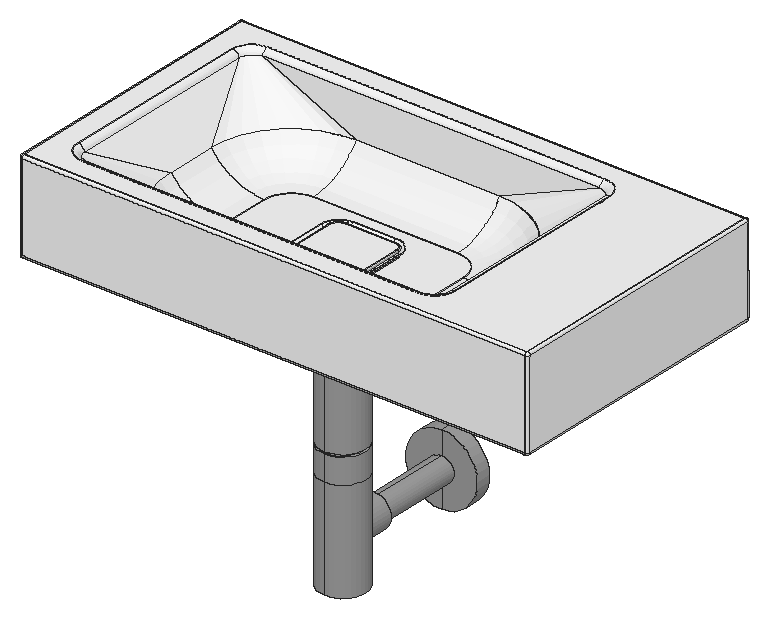
Revit family "KDW030056", category Plumbing Fixtures, Revit 2015
Parameters
  Youtube clip = ""
  Weight Net (Kg) = "8.2"
  Weight = "8.2"
  Website link = "https://www.kaldewei.co.uk/products/washbasins/detail/product/cono-aufsatz-handwaschtisch/"
  WaterSupplyOverflowAndWasteHolesWaterSupply = "n/a"
  WaterSupplyOverflowAndWasteHolesWaste = "n/a"
  WaterSupplyOverflowAndWasteHolesOverflow = "n/a"
  WarrantyStartDate = "https://www.kaldewei.co.uk/fileadmin/data/sprachen/englisch/prospekte/rest/GB_GUARANTEE__CARE_AND_INSTALLATION_INSTRUCTIONS.pdf"
  WarrantyDurationUnit = "Year"
  WarrantyDurationParts = "30"
  VolumeToOverflowMaximum = "n/a"
  Version = "3"
  Uniformat II Description = ""
  Uniformat II Code = ""
  Uniclass2 = "Pr_40_20_96"
  Uniclass 2015 Name = ""
  Uniclass 2015 Code = ""
  Uniclass 2.0 Description = "Wash Basin Systems"
  Uniclass 2.0 Code = "SS-35-65-70-94"
  Uniclass 1.4 Description = "Washbasins"
  Uniclass 1.4 Code = "L7212"
  URL = "https://www.kaldewei.com"
  UNSPSCNames = "Sinks"
  UNSPSCCode = "30181504"
  UNSPSC Code = "301815"
  Type of support framing = "https://www.kaldewei.co.uk/products/washbasins/detail/product/cono-aufsatz-handwaschtisch/?tx_wkkaldeweiproducts_product%5Bmodellnr%5D=3074&cHash=94a0546d26cd6485bfbea26e4a464e6c#tabConfiguration"
  Type of accessories = "https://www.kaldewei.co.uk/products/washbasins/detail/product/cono-aufsatz-handwaschtisch/?tx_wkkaldeweiproducts_product%5Bmodellnr%5D=3074&cHash=94a0546d26cd6485bfbea26e4a464e6c#tabConfiguration"
  Technical description = "https://www.kaldewei.co.uk/fileadmin/data/sprachen/englisch/techdata/KADBE_WT_CONO_____________3074_.pdf"
  Technical data link = "https://kaldewei.typo-live.web-factory.de/fileadmin/data/sprachen/englisch/techdata/KADBE_WT_CONO_____________3074_.pdf"
  Sustainability = "https://EN 15804"
  Sound Insulation = "DIN 4109:2016, VDI4100:2012"
  Size = "300x550"
  Shape = "Handbasin"
  SerialNumber = "3074"
  Region South America = "AR, BO, BR, CL, CO, EC, FK, GF, GY, PE, PY, SR, UY, VE"
  Region Oceania = "AS, AU, CK, FJ, FM, GU, KI, MH, MP, NC, NF, NR, NU, NZ, PF, PG, PN, PW, SB, TK, TL, TO, TV, UM, WF, WS, VU"
  Region North America = "AG, AI, AW, BB, BL, BM, BQ, BS, BZ, CA, CR, CU, CW, DM, DO, GD, GL, GP, GT, HN, HT, JM, KN, KY, LC, MF, MQ, MS, MX, NI, PA, PM, PR, SV, SX, TC, TT, US, VC, VG, VI"
  Region Middle East = "AE, AF, BH, EG, IL, IQ, IR, JO, KW, LB, OM, PS, QA, SA, SY, TR, YE"
  Region Europe = "AD, AL, AT, AX, BA, BE, BG, BY, CH, CY, CZ, DE, DK, EE, ES, FI, FO, FR, GB, GG, GI, GR, HR, HU, IE, IM, IS, IT, JE, LI, LT, LU, LV, MC, MD, ME, MK, MT, NL, NO, PL, PT, RO, RS, RU, SE, SI, SJ, SK, SM, UA, VA"
  Region Asia = "AM, AZ, BD, BN, BT, CC, CN, CX, GE, HK, ID, IN, IO, JP, KG, KH, KP, KR, KZ, LA, LK, MM, MN, MO, MV, MY, NP, PH, PK, SG, TH, TJ, TM, TW, UZ, VN"
  Region Antarctica = "AQ, BV, GS, HM, TF"
  Region Africa = "AO, BF, BI, BJ, BW, CD, CF, CG, CI, CM, CV, DJ, DZ, EH, ER, ET, GA, GH, GM, GN, GQ, GW, KE, KM, LR, LS, LY, MA, MG, ML, MR, MU, MW, MZ, NA, NE, NG, RE, RW, SC, SD, SH, SL, SN, SO, SS, ST, SZ, TD, TG, TN, TZ, UG, YT, ZA, ZM, ZW"
  QR code = "http://bimobject.com/kaldewei/product/3074"
  ProductInformation = "Model No. 3074: Two years ago, matching washbasins were added to the CONO product family.  The quality, and the consistent design and material make the bathroom into something truly special. Now the CONO line goes further, this time in the guest bathroom – in a space where an ultra compact hand-wash basin indicates that while the space may be limited, the guest is greatly appreciated. The CONO hand-wash basin is available in two versions with the tap panel to the left or right, and an option of 1 or no tap hole. "
  Product url = "https://www.kaldewei.co.uk/products/washbasins/detail/product/cono-aufsatz-handwaschtisch/"
  Product group = "Washbasin"
  Product family = "CONO"
  Product data url = "https://bimobject.com/kaldewei/product/3074"
  Product certification = "https://www.kaldewei.co.uk/fileadmin/data/sprachen/alle/pdfs/leistungserkla__rungBW-DW-WT-0216Web.pdf"
  Product SKU = "3074"
  Product Guid = "d03263d5-6b0a-4ab7-9729-0e4d6c426b6a"
  Polantis code = "KDW030056"
  PanelMaterial = "n/a"
  OmniClass Description = ""
  OmniClass Code = ""
  ObjectNorm = "EN 14688 EU DECLARATION OF PERFORMANCE (https://www.kaldewei.de/fileadmin/data/sprachen/alle/pdfs/leistungserkla__rungBW-DW-WT-0216Web.pdf)"
  ObjectName = "CONO Handrinse washbasin 300x550"
  Nominal width = 300 cm
  Nominal height = 550 cm
  Name = "CONO Handrinse washbasin"
  NBS Reference Description = "Wash Basin Systems"
  NBS Reference Code = "35-65-70-94"
  Material secondary = "Enamel"
  Material main = "Steel"
  Material = "steel enamel"
  Masterformat 2014 Description = ""
  Masterformat 2014 Code = ""
  ManufacturerName = "KALDEWEI"
  ManufacturerEmail = "info@kaldewei.de"
  ManufacturerCountry = "GERMANY"
  Manufacturer name = ""
  Manufacturer country = "Germany"
  Link towards a photo of the product = "https://www.kaldewei.co.uk/products/washbasins/detail/product/cono-aufsatz-handwaschtisch/?tx_wkkaldeweiproducts_product%5Bmodellnr%5D=3074&cHash=94a0546d26cd6485bfbea26e4a464e6c#tabConfiguration"
  Installation instructions = ""
  IfcExportType = "IfcSanitaryTerminalType"
  IfcExportAs = "WASHHANDBASIN"
  IFC Classification = "Furnishing Element"
  Finish = "Kaldewei"
  Edition number = "1"
  EAN code = ""
  Durability = "https://EN 14688"
  DrainSize = "n/a"
  Design country = "Germany"
  Description details = "KALDEWEI international Worldwide partner for iconic bathroom solutions made of KALDEWEI steel enamel  KALDEWEI steel enamel delivers unique advantages that inspire excellence in bathroom design. Projects across the world, from upmarket hotels to private homes, capture the sophisticated aesthetic that recommends KALDEWEI as the partner of choice. As a leading international manufacturer of high-quality shower surfaces, bathtubs and washbasins made of superior steel enamel, KALDEWEI today is present in more than 80 countries."
  Date of publishing = ""
  Configurator link = "https://www.kaldewei.co.uk/products/washbasins/detail/product/silenio-unterbauwaschtisch/?tx_wkkaldeweiproducts_product%5Bmodellnr%5D=3048&cHash=d1fd2ac37042e0d3faa59be16f62ae56#tabConfiguration"
  ColourOptions = "https://www.kaldewei.co.uk/inspiration/material/colours/"
  Color = "https://www.kaldewei.co.uk/inspiration/material/colours/"
  COBIe Type Category = ""
  Brand url = "http://www.kaldewei.com"
  BIMobject category = "Basins"
  Additional features of the object = "https://www.kaldewei.co.uk/products/washbasins/detail/product/cono-aufsatz-handwaschtisch/?tx_wkkaldeweiproducts_product%5Bmodellnr%5D=3074&cHash=94a0546d26cd6485bfbea26e4a464e6c#tabConfiguration"
  Accessory [instance] = yes
Reference planes (cm)
  plane 1 "Center (Front/Back)": y = 0
  plane 2: z = 0
  plane 3 "Center (Left/Right)": x = 0
Forms (cm)
  Extrusion 1, solid, material "Kaldewei"
    sketch origin (-2.4988, -9.9379, -27.7729) x (1, 0, 0) y (0, 0, 1)
      loop
        arc (-24.7, 37.7623) -> (-24.9121, 37.6745) -> (-25, 37.4623) r 0.3
        line (-25, 37.4623) -> (-25, 28.0729)
        arc (-25, 28.0729) -> (-24.9121, 27.8608) -> (-24.7, 27.7729) r 0.3
        line (-24.7, 27.7729) -> (-24.7, 37.7623)
    from -24.6373 to 4.7615
  Revolve 2, solid, material "Kaldewei"
    sketch origin (-2.4988, 14.6994, -27.7729) x (1, 0, 0) y (0, 0, 1)
      loop
        line (-24.7, 27.7729) -> (-24.7, 37.7623)
        arc (-24.7, 37.7623) -> (-24.9121, 37.6745) -> (-25, 37.4623) r 0.3
        line (-25, 37.4623) -> (-25, 28.0729)
        arc (-25, 28.0729) -> (-24.9121, 27.8608) -> (-24.7, 27.7729) r 0.3
      axis (-24.7, 27.7729) -> (-24.7, 37.7623)
    angle from 0 to 90
  Extrusion 3, solid, material "Kaldewei"
    sketch origin (-2.189, -1.361, -27.7729) x (1, 0, 0) y (0, 1, 0)
      loop
        line (-25.0098, 16.0604) -> (-25.0098, -13.3383) -> (29.3879, -13.3383) -> (29.3879, 16.0604) -> (-25.0098, 16.0604)
      loop
        line (15.9346, 13.985) -> (-20.4588, 13.985)
        arc (-20.4588, 13.985) -> (-21.9946, 13.3489) -> (-22.6308, 11.8131) r 2.172
        line (-22.6308, 11.8131) -> (-22.6308, -9.0221)
        arc (-22.6308, -9.0221) -> (-21.9946, -10.5579) -> (-20.4588, -11.1941) r 2.172
        line (-20.4588, -11.1941) -> (15.9346, -11.1941)
        arc (15.9346, -11.1941) -> (17.4704, -10.5579) -> (18.1065, -9.0221) r 2.172
        line (18.1065, -9.0221) -> (18.1065, 11.8131)
        arc (18.1065, 11.8131) -> (17.4704, 13.3489) -> (15.9346, 13.985) r 2.172
    from 37.5199 to 37.7623
  Extrusion 4, solid, material "Kaldewei"
    sketch origin (2.5995, -0.0634, -25.7536) x (1, 0, 0) y (0, 1, 0)
      loop
        line (22.8994, 14.0677) -> (-28.1006, 14.0677) -> (-28.1006, -13.9323) -> (22.8994, -13.9323) -> (22.8994, 14.0677)
      loop
        line (-29.7983, 14.7627) -> (-29.7983, -14.636) -> (24.5994, -14.636) -> (24.5994, 14.7627) -> (-29.7983, 14.7627)
    from 25.7536 to 26.0345
  Extrusion 5, solid, material "Kaldewei"
    sketch origin (2.5501, 9.5975, -25.7536) x (1, 0, 0) y (0, 1, 0)
      loop
        line (14.7613, -21.6427) -> (12.2325, -23.9572)
        arc (12.2325, -23.9572) -> (12.1983, -24.0852) -> (12.3, -24.17) r 0.123
        line (12.3, -24.17) -> (12.7878, -24.17)
        arc (12.7878, -24.17) -> (12.8333, -24.1813) -> (12.8681, -24.2127) r 0.0969
        line (12.8681, -24.2127) -> (12.9506, -24.3263)
        arc (12.9506, -24.3263) -> (12.9858, -24.3574) -> (13.0308, -24.3707) r 0.1085
        line (13.0308, -24.3707) -> (13.2293, -24.3707)
        arc (13.2293, -24.3707) -> (13.275, -24.3589) -> (13.3093, -24.3264) r 0.0943
        line (13.3093, -24.3264) -> (13.388, -24.214)
        arc (13.388, -24.214) -> (13.425, -24.1812) -> (13.4728, -24.1689) r 0.1059
        line (13.4728, -24.1689) -> (14.423, -24.1689)
        arc (14.423, -24.1689) -> (14.4794, -24.1455) -> (14.5027, -24.0891) r 0.0798
        line (14.5027, -24.0891) -> (14.5027, -22.81)
        arc (14.5027, -22.81) -> (14.532, -22.7778) -> (14.5749, -22.77) r 0.0678
        line (14.5749, -22.77) -> (14.6777, -22.77)
        arc (14.6777, -22.77) -> (14.7527, -22.845) -> (14.6777, -22.92) r 0.075
        arc (14.6777, -22.92) -> (14.6336, -22.9318) -> (14.6013, -22.9641) r 0.0882
        line (14.6013, -22.9641) -> (14.6013, -23.4468) -> (15.1014, -23.4468) -> (15.1014, -22.9641)
        arc (15.1014, -22.9641) -> (15.0691, -22.9318) -> (15.025, -22.92) r 0.0882
        arc (15.025, -22.92) -> (14.95, -22.845) -> (15.025, -22.77) r 0.075
        line (15.025, -22.77) -> (15.1278, -22.77)
        arc (15.1278, -22.77) -> (15.1707, -22.7778) -> (15.2, -22.81) r 0.0678
        line (15.2, -22.81) -> (15.2, -24.1076)
        arc (15.2, -24.1076) -> (15.2183, -24.1517) -> (15.2624, -24.17) r 0.0624
        line (15.2624, -24.17) -> (20.366, -24.17)
        arc (20.366, -24.17) -> (20.4153, -24.1796) -> (20.4532, -24.2125) r 0.097
        line (20.4532, -24.2125) -> (20.531, -24.3278)
        arc (20.531, -24.3278) -> (20.5665, -24.3598) -> (20.6128, -24.3713) r 0.0986
        line (20.6128, -24.3713) -> (20.8109, -24.3713)
        arc (20.8109, -24.3713) -> (20.854, -24.3573) -> (20.8876, -24.327) r 0.109
        line (20.8876, -24.327) -> (20.9554, -24.2337)
        arc (20.9554, -24.2337) -> (20.9869, -24.1979) -> (21.0285, -24.1745) r 0.1426
        arc (21.0285, -24.1745) -> (21.0687, -24.1637) -> (21.1027, -24.1399) r 0.1201
        line (21.1027, -24.1399) -> (21.1027, -22.81)
        arc (21.1027, -22.81) -> (21.132, -22.7778) -> (21.1749, -22.77) r 0.0678
        line (21.1749, -22.77) -> (21.2777, -22.77)
        arc (21.2777, -22.77) -> (21.3527, -22.845) -> (21.2777, -22.92) r 0.075
        arc (21.2777, -22.92) -> (21.2336, -22.9318) -> (21.2013, -22.9641) r 0.0882
        line (21.2013, -22.9641) -> (21.2013, -23.4468) -> (21.7014, -23.4468) -> (21.7014, -22.9641)
        arc (21.7014, -22.9641) -> (21.6691, -22.9318) -> (21.625, -22.92) r 0.0882
        arc (21.625, -22.92) -> (21.55, -22.845) -> (21.625, -22.77) r 0.075
        line (21.625, -22.77) -> (21.7278, -22.77)
        arc (21.7278, -22.77) -> (21.7707, -22.7778) -> (21.8, -22.81) r 0.0678
        line (21.8, -22.81) -> (21.8, -24.1107)
        arc (21.8, -24.1107) -> (21.8113, -24.1522) -> (21.8465, -24.1771) r 0.0638
        line (21.8465, -24.1771) -> (22.2513, -24.1771)
        arc (22.2513, -24.1771) -> (22.2935, -24.1658) -> (22.3293, -24.1407) r 0.1259
        line (22.3293, -24.1407) -> (23.5644, -22.9056)
        arc (23.5644, -22.9056) -> (23.59, -22.8722) -> (23.5991, -22.8311) r 0.0973
        line (23.5991, -22.8311) -> (23.5991, -21.9222)
        arc (23.5991, -21.9222) -> (23.6108, -21.8773) -> (23.6415, -21.8425) r 0.0994
        line (23.6415, -21.8425) -> (23.7605, -21.7592)
        arc (23.7605, -21.7592) -> (23.788, -21.7233) -> (23.7978, -21.679) r 0.1047
        line (23.7978, -21.679) -> (23.7978, -21.4826)
        arc (23.7978, -21.4826) -> (23.7894, -21.4367) -> (23.7597, -21.4007) r 0.0931
        line (23.7597, -21.4007) -> (23.6466, -21.3186)
        arc (23.6466, -21.3186) -> (23.6125, -21.2845) -> (23.6, -21.2379) r 0.0932
        line (23.6, -21.2379) -> (23.6, -20.701)
        arc (23.6, -20.701) -> (23.5569, -20.597) -> (23.4528, -20.5538) r 0.1472
        line (23.4528, -20.5538) -> (17.8057, -20.5538)
        arc (17.8057, -20.5538) -> (16.1738, -20.7916) -> (14.7613, -21.6427) r 4.1742
      loop
        arc (16.4413, -21.0121) -> (15.6748, -22.3598) -> (16.933, -23.2658) r 1.16
        line (16.933, -23.2658) -> (18.9729, -22.9427)
        arc (18.9729, -22.9427) -> (19.7893, -21.9084) -> (18.8234, -21.0121) r 0.9713
        line (18.8234, -21.0121) -> (16.4413, -21.0121)
    from 25.7536 to 26.1536
  Extrusion 6, solid, material "Kaldewei"
    sketch origin (-5.1326, 4.6351, -26.7521) x (1, 0, 0) y (0, 1, 0)
      loop
        line (-3.6836, -2.21) -> (-3.6836, -6.848)
        arc (-3.6836, -6.848) -> (-3.0978, -8.2623) -> (-1.6836, -8.848) r 2
        line (-1.6836, -8.848) -> (2.8974, -8.848)
        arc (2.8974, -8.848) -> (4.3116, -8.2623) -> (4.8974, -6.848) r 2
        line (4.8974, -6.848) -> (4.8974, -2.21)
        arc (4.8974, -2.21) -> (4.3116, -0.7958) -> (2.8974, -0.21) r 2
        line (2.8974, -0.21) -> (-1.6836, -0.21)
        arc (-1.6836, -0.21) -> (-3.0978, -0.7958) -> (-3.6836, -2.21) r 2
      loop
        arc (8.5015, -10.3381) -> (10.6254, -9.4583) -> (11.5051, -7.3345) r 3.0036
        line (11.5051, -7.3345) -> (11.5051, -1.9357)
        arc (11.5051, -1.9357) -> (10.6254, 0.1881) -> (8.5015, 1.0679) r 3.0036
        line (8.5015, 1.0679) -> (-7.038, 1.0679)
        arc (-7.038, 1.0679) -> (-9.1619, 0.1881) -> (-10.0416, -1.9357) r 3.0036
        line (-10.0416, -1.9357) -> (-10.0416, -7.3345)
        arc (-10.0416, -7.3345) -> (-9.1619, -9.4583) -> (-7.038, -10.3381) r 3.0036
        line (-7.038, -10.3381) -> (8.5015, -10.3381)
    from 28.92 to 28.7199
  Sweep 7, solid, material "Kaldewei"
    path origin (8.7069, 3.3786, -23.992) x (1, 0, 0) y (0, 1, 0)
      loop
        arc (-31.3547, 9.5735) -> (-33.1225, 8.8412) -> (-33.8547, 7.0735) r 2.5
        line (-33.8547, 7.0735) -> (-33.8547, -13.7617)
        arc (-33.8547, -13.7617) -> (-33.1225, -15.5295) -> (-31.3547, -16.2617) r 2.5
        line (-31.3547, -16.2617) -> (5.0387, -16.2617)
        arc (5.0387, -16.2617) -> (6.8064, -15.5295) -> (7.5387, -13.7617) r 2.5
        line (7.5387, -13.7617) -> (7.5387, 7.0735)
        arc (7.5387, 7.0735) -> (6.8064, 8.8412) -> (5.0387, 9.5735) r 2.5
        line (5.0387, 9.5735) -> (-31.3547, 9.5735)
    profile origin (-4.4511, 12.9521, -23.992) x (0, 1, 0) y (0, 0, 1)
      loop
        arc (-0.328, 33.9814) -> (-0.786, 33.7965) -> (-1.0621, 33.3871) r 0.8443
        line (-1.0621, 33.3871) -> (-0.8499, 33.3871)
        arc (-0.8499, 33.3871) -> (-0.6425, 33.6548) -> (-0.328, 33.7804) r 0.6443
        line (-0.328, 33.7804) -> (-0.328, 33.9814)
  Sweep 8, solid, material "Kaldewei"
    path origin (-4.705, 2.176, -27.7729) x (1, 0, 0) y (0, 1, 0)
      loop
        line (-10.4656, 0.5233) -> (-10.4656, -4.8754)
        arc (-10.4656, -4.8754) -> (-9.587, -6.9967) -> (-7.4656, -7.8754) r 3
        line (-7.4656, -7.8754) -> (8.0739, -7.8754)
        arc (8.0739, -7.8754) -> (10.1952, -6.9967) -> (11.0739, -4.8754) r 3
        line (11.0739, -4.8754) -> (11.0739, 0.5233)
        arc (11.0739, 0.5233) -> (10.1952, 2.6447) -> (8.0739, 3.5233) r 3
        line (8.0739, 3.5233) -> (-7.4656, 3.5233)
        arc (-7.4656, 3.5233) -> (-9.587, 2.6447) -> (-10.4656, 0.5233) r 3
    profile origin (-15.1706, 0, -27.7729) x (1, 0, 0) y (0, 0, 1)
      loop
        line (-0.0036, 29.7407) -> (-0.0036, 29.9408)
        arc (-0.0036, 29.9408) -> (-3.2243, 30.7661) -> (-5.7506, 32.9276) r 7.3412
        line (-5.7506, 32.9276) -> (-5.9972, 32.9276)
        arc (-5.9972, 32.9276) -> (-3.3792, 30.6217) -> (-0.0036, 29.7407) r 7.5412
  Sweep 9, solid, material "Kaldewei"
    path origin (-4.5539, 3.9253, -26.7521) x (1, 0, 0) y (0, 1, 0)
      loop
        arc (-2.2623, 0.4998) -> (-3.6765, -0.086) -> (-4.2623, -1.5002) r 2
        line (-4.2623, -1.5002) -> (-4.2623, -6.1382)
        arc (-4.2623, -6.1382) -> (-3.6765, -7.5524) -> (-2.2623, -8.1382) r 2
        line (-2.2623, -8.1382) -> (2.3187, -8.1382)
        arc (2.3187, -8.1382) -> (3.7329, -7.5524) -> (4.3187, -6.1382) r 2
        line (4.3187, -6.1382) -> (4.3187, -1.5002)
        arc (4.3187, -1.5002) -> (3.7329, -0.086) -> (2.3187, 0.4998) r 2
        line (2.3187, 0.4998) -> (-2.2623, 0.4998)
    profile origin (-4.5257, 4.4251, -26.7521) x (0, 1, 0) y (0, 0, 1)
      loop
        arc (0, 28.92) -> (-0.3861, 28.6349) -> (-0.5537, 28.1852) r 0.842
        arc (-0.5537, 28.1852) -> (-0.6418, 27.9295) -> (-0.8466, 27.7529) r 0.5185
        arc (-0.8466, 27.7529) -> (-1.0418, 27.6848) -> (-1.2194, 27.5789) r 1.023
        line (-1.2194, 27.5789) -> (-1.2194, 27.31)
        arc (-1.2194, 27.31) -> (-1.0206, 27.4706) -> (-0.7821, 27.5624) r 0.823
        arc (-0.7821, 27.5624) -> (-0.4831, 27.8073) -> (-0.3542, 28.1716) r 0.7185
        arc (-0.3542, 28.1716) -> (-0.2478, 28.4843) -> (0, 28.7028) r 0.642
        line (0, 28.7028) -> (0, 28.92)
  Extrusion 10, solid, material "Kaldewei"
    sketch origin (-4.2637, 3.4019, -26.7521) x (1, 0, 0) y (0, 1, 0)
      loop
        circle (-0.24, -3.304) r 2.9362
      loop
        line (-3.3331, -0.9769) -> (-3.3331, -5.6149)
        arc (-3.3331, -5.6149) -> (-3.1045, -6.1669) -> (-2.5525, -6.3955) r 0.7806
        line (-2.5525, -6.3955) -> (2.0285, -6.3955)
        arc (2.0285, -6.3955) -> (2.5804, -6.1669) -> (2.8091, -5.6149) r 0.7806
        line (2.8091, -5.6149) -> (2.8091, -0.9769)
        arc (2.8091, -0.9769) -> (2.5804, -0.4249) -> (2.0285, -0.1963) r 0.7806
        line (2.0285, -0.1963) -> (-2.5525, -0.1963)
        arc (-2.5525, -0.1963) -> (-3.1045, -0.4249) -> (-3.3331, -0.9769) r 0.7806
    from 27.31 to 27.5789
  SweptBlend 11, solid, material "Kaldewei"
    path origin (4.0072, 3.8165, -26.7521) x (1, 0, 0) y (0, 0, 1)
      loop
        line (-0.662, 27.31) -> (-0.662, 26.7521)
    profile origin (3.3452, 3.8165, 0.5579) x (0, -1, 0) y (1, 0, 0)
      loop
        circle (3.7186, -7.8489) r 2.9362
    end profile origin (3.3452, 3.8165, 0) x (0, -1, 0) y (1, 0, 0)
      loop
        circle (3.736, -7.861) r 2.2873
  SweptBlend 12, void
    path origin (3.5537, 4.1067, -26.7521) x (1, 0, 0) y (0, 0, 1)
      loop
        line (-0.3821, 26.7521) -> (-0.3821, 27.31)
    profile origin (3.1716, 4.1067, 0) x (-1, 0, 0) y (0, -1, 0)
      loop
        circle (7.6874, 4.0262) r 2.0873
    end profile origin (3.1716, 4.1067, 0.5579) x (-1, 0, 0) y (0, -1, 0)
      loop
        circle (7.6753, 4.0088) r 2.5362
  Extrusion 13, solid, material "Kaldewei"
    sketch origin (-2.8308, 2.2022, -26.7521) x (1, 0, 0) y (0, 1, 0)
      loop
        circle (-1.6729, -2.1043) r 2.9362
      loop
        circle (-1.6729, -2.1043) r 2.7362
    from 27.31 to 27.5789
  Revolve 14, solid, material "Kaldewei"
    sketch origin (-2.4988, -14.6994, -27.7729) x (1, 0, 0) y (0, 0, -1)
      loop
        arc (-24.7, -27.7729) -> (-24.9121, -27.8608) -> (-25, -28.0729) r 0.3
        line (-25, -28.0729) -> (-25, -37.4623)
        arc (-25, -37.4623) -> (-24.9121, -37.6745) -> (-24.7, -37.7623) r 0.3
        line (-24.7, -37.7623) -> (-24.7, -27.7729)
      axis (-24.7, -27.7729) -> (-24.7, -37.7623)
    angle from 0 to 90
  Revolve 15, solid, material "Kaldewei"
    sketch origin (-2.4988, -14.6994, -27.7729) x (1, 0, 0) y (0, 0, -1)
      loop
        arc (-24.7, -27.7729) -> (-24.9121, -27.8608) -> (-25, -28.0729) r 0.3
        line (-25, -28.0729) -> (-25, -37.4623)
        arc (-25, -37.4623) -> (-24.9121, -37.6745) -> (-24.7, -37.7623) r 0.3
        line (-24.7, -37.7623) -> (-24.7, -27.7729)
      axis (-24.7, -27.7729) -> (-24.7, -37.7623)
    angle from 0 to 90
  Extrusion 16, solid, material "Kaldewei"
    sketch origin (-2.4133, 10.0159, -27.7729) x (0, -1, 0) y (0, 0, -1)
      loop
        arc (24.7153, -37.7623) -> (24.9274, -37.6745) -> (25.0153, -37.4623) r 0.3
        line (25.0153, -37.4623) -> (25.0153, -28.0729)
        arc (25.0153, -28.0729) -> (24.9274, -27.8608) -> (24.7153, -27.7729) r 0.3
        line (24.7153, -27.7729) -> (24.7153, -37.7623)
    from -24.7856 to 29.6121
  SweptBlend 17, solid, material "Kaldewei"
    path origin (-57.4133, 4.8545, -2.0194) x (1, 0, 0) y (0, 0, 1)
      loop
        line (46.178, 7.174) -> (46.178, 11.4145)
    profile origin (-11.2352, 4.8545, 5.1546) x (-1, 0, 0) y (0, -1, 0)
      loop
        line (9.9326, 2.1551) -> (9.9326, 7.5538)
        arc (9.9326, 7.5538) -> (7.2974, 13.9158) -> (0.9354, 16.551) r 8.9972
        line (0.9354, 16.551) -> (-14.6041, 16.551)
        arc (-14.6041, 16.551) -> (-20.9661, 13.9158) -> (-23.6013, 7.5538) r 8.9972
        line (-23.6013, 7.5538) -> (-23.6013, 2.1551)
        arc (-23.6013, 2.1551) -> (-20.9661, -4.2068) -> (-14.6041, -6.842) r 8.9972
        line (-14.6041, -6.842) -> (0.9354, -6.842)
        arc (0.9354, -6.842) -> (7.2974, -4.2068) -> (9.9326, 2.1551) r 8.9972
    end profile origin (-11.2352, 4.8545, 9.3952) x (-1, 0, 0) y (0, -1, 0)
      loop
        arc (11.4126, -7.2477) -> (12.5794, -6.7644) -> (13.0627, -5.5976) r 1.6501
        line (13.0627, -5.5976) -> (13.0627, 15.2376)
        arc (13.0627, 15.2376) -> (12.5794, 16.4044) -> (11.4126, 16.8877) r 1.6501
        line (11.4126, 16.8877) -> (-24.9808, 16.8877)
        arc (-24.9808, 16.8877) -> (-26.1476, 16.4044) -> (-26.6309, 15.2376) r 1.6501
        line (-26.6309, 15.2376) -> (-26.6309, -5.5976)
        arc (-26.6309, -5.5976) -> (-26.1476, -6.7644) -> (-24.9808, -7.2477) r 1.6501
        line (-24.9808, -7.2477) -> (11.4126, -7.2477)
  SweptBlend 18, void
    path origin (-57.4133, 4.8545, -2.0194) x (1, 0, 0) y (0, 0, 1)
      loop
        line (44.178, 7.174) -> (44.178, 11.4145)
    profile origin (-13.2352, 4.8545, 5.1546) x (-1, 0, 0) y (0, -1, 0)
      loop
        arc (-1.0646, -6.5954) -> (5.123, -4.0325) -> (7.686, 2.1551) r 8.7506
        line (7.686, 2.1551) -> (7.686, 7.5538)
        arc (7.686, 7.5538) -> (5.123, 13.7414) -> (-1.0646, 16.3044) r 8.7506
        line (-1.0646, 16.3044) -> (-16.6041, 16.3044)
        arc (-16.6041, 16.3044) -> (-22.7917, 13.7414) -> (-25.3547, 7.5538) r 8.7506
        line (-25.3547, 7.5538) -> (-25.3547, 2.1551)
        arc (-25.3547, 2.1551) -> (-22.7917, -4.0325) -> (-16.6041, -6.5954) r 8.7506
        line (-16.6041, -6.5954) -> (-1.0646, -6.5954)
    end profile origin (-13.2352, 4.8545, 9.3952) x (-1, 0, 0) y (0, -1, 0)
      loop
        line (10.8505, -5.5976) -> (10.8505, 15.2376)
        arc (10.8505, 15.2376) -> (10.4293, 16.2543) -> (9.4126, 16.6755) r 1.4379
        line (9.4126, 16.6755) -> (-26.9808, 16.6755)
        arc (-26.9808, 16.6755) -> (-27.9975, 16.2543) -> (-28.4187, 15.2376) r 1.4379
        line (-28.4187, 15.2376) -> (-28.4187, -5.5976)
        arc (-28.4187, -5.5976) -> (-27.9975, -6.6143) -> (-26.9808, -7.0354) r 1.4379
        line (-26.9808, -7.0354) -> (9.4126, -7.0354)
        arc (9.4126, -7.0354) -> (10.4293, -6.6143) -> (10.8505, -5.5976) r 1.4379
  Extrusion 19, solid, material "Kaldewei"
    sketch origin (2.4988, -9.9379, -27.7729) x (-1, 0, 0) y (0, 0, -1)
      loop
        line (-24.7, -37.7623) -> (-24.7, -27.7729)
        arc (-24.7, -27.7729) -> (-24.9121, -27.8608) -> (-25, -28.0729) r 0.3
        line (-25, -28.0729) -> (-25, -37.4623)
        arc (-25, -37.4623) -> (-24.9121, -37.6745) -> (-24.7, -37.7623) r 0.3
    from -24.6373 to 4.7615
  Revolve 20, solid, material "Kaldewei"
    sketch origin (2.4988, 14.6994, -27.7729) x (-1, 0, 0) y (0, 0, -1)
      loop
        arc (-24.7, -27.7729) -> (-24.9121, -27.8608) -> (-25, -28.0729) r 0.3
        line (-25, -28.0729) -> (-25, -37.4623)
        arc (-25, -37.4623) -> (-24.9121, -37.6745) -> (-24.7, -37.7623) r 0.3
        line (-24.7, -37.7623) -> (-24.7, -27.7729)
      axis (-24.7, -27.7729) -> (-24.7, -37.7623)
    angle from 0 to 90
  Revolve 21, solid, material "Kaldewei"
    sketch origin (2.4988, -14.6994, -27.7729) x (-1, 0, 0) y (0, 0, 1)
      loop
        line (-24.7, 27.7729) -> (-24.7, 37.7623)
        arc (-24.7, 37.7623) -> (-24.9121, 37.6745) -> (-25, 37.4623) r 0.3
        line (-25, 37.4623) -> (-25, 28.0729)
        arc (-25, 28.0729) -> (-24.9121, 27.8608) -> (-24.7, 27.7729) r 0.3
      axis (-24.7, 27.7729) -> (-24.7, 37.7623)
    angle from 0 to 90
  Revolve 22, solid, material "Kaldewei"
    sketch origin (2.4988, -14.6994, -27.7729) x (-1, 0, 0) y (0, 0, 1)
      loop
        line (-24.7, 27.7729) -> (-24.7, 37.7623)
        arc (-24.7, 37.7623) -> (-24.9121, 37.6745) -> (-25, 37.4623) r 0.3
        line (-25, 37.4623) -> (-25, 28.0729)
        arc (-25, 28.0729) -> (-24.9121, 27.8608) -> (-24.7, 27.7729) r 0.3
      axis (-24.7, 27.7729) -> (-24.7, 37.7623)
    angle from 0 to 90
  Revolve 23, solid, material "Kaldewei"
    sketch origin (-2.4988, 14.6994, -27.7729) x (1, 0, 0) y (0, 0, 1)
      loop
        line (-24.7, 27.7729) -> (-24.7, 37.7623)
        arc (-24.7, 37.7623) -> (-24.9121, 37.6745) -> (-25, 37.4623) r 0.3
        line (-25, 37.4623) -> (-25, 28.0729)
        arc (-25, 28.0729) -> (-24.9121, 27.8608) -> (-24.7, 27.7729) r 0.3
      axis (-24.7, 27.7729) -> (-24.7, 37.7623)
    angle from 0 to 90
  Revolve 24, solid, material "Kaldewei"
    sketch origin (-2.4988, 14.6994, -27.7729) x (1, 0, 0) y (0, 0, 1)
      loop
        line (-24.7, 27.7729) -> (-24.7, 37.7623)
        arc (-24.7, 37.7623) -> (-24.9121, 37.6745) -> (-25, 37.4623) r 0.3
        line (-25, 37.4623) -> (-25, 28.0729)
        arc (-25, 28.0729) -> (-24.9121, 27.8608) -> (-24.7, 27.7729) r 0.3
      axis (-24.7, 27.7729) -> (-24.7, 37.7623)
    angle from 0 to 90
  Extrusion 25, solid, material "Kaldewei"
    sketch origin (-2.4133, -10.0159, -27.7729) x (0, 1, 0) y (0, 0, 1)
      loop
        line (24.7153, 37.7623) -> (24.7153, 27.7729)
        arc (24.7153, 27.7729) -> (24.9274, 27.8608) -> (25.0153, 28.0729) r 0.3
        line (25.0153, 28.0729) -> (25.0153, 37.4623)
        arc (25.0153, 37.4623) -> (24.9274, 37.6745) -> (24.7153, 37.7623) r 0.3
    from -24.7856 to 29.6121
  Revolve 26, solid, material "Kaldewei"
    sketch origin (2.4988, 14.6994, -27.7729) x (-1, 0, 0) y (0, 0, -1)
      loop
        arc (-24.7, -27.7729) -> (-24.9121, -27.8608) -> (-25, -28.0729) r 0.3
        line (-25, -28.0729) -> (-25, -37.4623)
        arc (-25, -37.4623) -> (-24.9121, -37.6745) -> (-24.7, -37.7623) r 0.3
        line (-24.7, -37.7623) -> (-24.7, -27.7729)
      axis (-24.7, -27.7729) -> (-24.7, -37.7623)
    angle from 0 to 90
  Revolve 27, solid, material "Kaldewei"
    sketch origin (2.4988, 14.6994, -27.7729) x (-1, 0, 0) y (0, 0, -1)
      loop
        arc (-24.7, -27.7729) -> (-24.9121, -27.8608) -> (-25, -28.0729) r 0.3
        line (-25, -28.0729) -> (-25, -37.4623)
        arc (-25, -37.4623) -> (-24.9121, -37.6745) -> (-24.7, -37.7623) r 0.3
        line (-24.7, -37.7623) -> (-24.7, -27.7729)
      axis (-24.7, -27.7729) -> (-24.7, -37.7623)
    angle from 0 to 90
  Revolve 28, solid, material "Chrome", visible <- "Accessory"
    sketch origin (-4.5, 0, 0) x (0, 1, 0) y (0, 0, 1)
      loop
        line (-1.4428, -23.959) -> (-1.4428, -24.8788) -> (14.9994, -24.8788) -> (14.9994, -21.0304) -> (13.3441, -21.0304) -> (13.3441, -23.5304) -> (4.2149, -23.5304) -> (4.2149, -23.0304) -> (0.5487, -23.0304) -> (-1.4428, -23.959)
      axis (14.9994, -24.8788) -> (-1.4428, -24.8788)
    angle from 0 to 360
Cuts and joins
  SweptBlend 12 cuts SweptBlend 11
  joined: Extrusion 10, SweptBlend 11, Extrusion 13
  SweptBlend 18 cuts SweptBlend 17
Lines and regions (cm)
  symbolic lines, style "Lines"
    curve 1: line (-24.8198, 10.4521, 0) -> (-24.8198, -10.3831, 0)
    curve 2: arc (-24.8198, 10.4521, 0) -> (-24.1837, 11.9879, 0) -> (-22.6478, 12.624, 0) r 2.172
    curve 3: line (13.7456, 12.624, 0) -> (-22.6478, 12.624, 0)
    curve 4: line (13.7456, 11.8899, 0) -> (-22.6478, 11.8899, 0)
    curve 5: arc (-24.0857, 10.4521, 0) -> (-23.6646, 11.4688, 0) -> (-22.6478, 11.8899, 0) r 1.4379
    curve 6: line (-24.0857, -10.3831, 0) -> (-24.0857, 10.4521, 0)
    curve 7: arc (-22.6478, -12.5551, 0) -> (-24.1837, -11.9189, 0) -> (-24.8198, -10.3831, 0) r 2.172
    curve 8: arc (-22.6478, -11.821, 0) -> (-23.6646, -11.3999, 0) -> (-24.0857, -10.3831, 0) r 1.4379
    curve 9: line (13.7456, -11.821, 0) -> (-22.6478, -11.821, 0)
    curve 10: line (-22.6478, -12.5551, 0) -> (13.7456, -12.5551, 0)
    curve 11: arc (15.1834, -10.3831, 0) -> (14.7623, -11.3999, 0) -> (13.7456, -11.821, 0) r 1.4379
    curve 12: arc (15.9175, -10.3831, 0) -> (15.2814, -11.9189, 0) -> (13.7456, -12.5551, 0) r 2.172
    curve 13: line (15.1834, 10.4521, 0) -> (15.1834, -10.3831, 0)
    curve 14: line (15.9175, -10.3831, 0) -> (15.9175, 10.4521, 0)
    curve 15: arc (13.7456, 12.624, 0) -> (15.2814, 11.9879, 0) -> (15.9175, 10.4521, 0) r 2.172
    curve 16: arc (13.7456, 11.8899, 0) -> (14.7623, 11.4688, 0) -> (15.1834, 10.4521, 0) r 1.4379
    curve 17: line (-27.1988, 14.9994, 0) -> (27.1988, 14.9994, 0)
    curve 18: arc (27.1988, 14.9994, 0) -> (27.411, 14.9115, 0) -> (27.4988, 14.6994, 0) r 0.3
    curve 19: line (27.4988, 14.6994, 0) -> (27.4988, -14.6994, 0)
    curve 20: arc (27.4988, -14.6994, 0) -> (27.411, -14.9115, 0) -> (27.1988, -14.9994, 0) r 0.3
    curve 21: line (27.1988, -14.9994, 0) -> (-27.1988, -14.9994, 0)
    curve 22: arc (-27.1988, -14.9994, 0) -> (-27.411, -14.9115, 0) -> (-27.4988, -14.6994, 0) r 0.3
    curve 23: line (-27.4988, -14.6994, 0) -> (-27.4988, 14.6994, 0)
    curve 24: arc (-27.4988, 14.6994, 0) -> (-27.411, 14.9115, 0) -> (-27.1988, 14.9994, 0) r 0.3
    curve 25: arc (-8.8162, 2.4251, 0) -> (-8.2304, 3.8393, 0) -> (-6.8162, 4.4251, 0) r 2
    curve 26: line (-2.2352, 4.4251, 0) -> (-6.8162, 4.4251, 0)
    curve 27: arc (-2.2352, 4.4251, 0) -> (-0.821, 3.8393, 0) -> (-0.2352, 2.4251, 0) r 2
    curve 28: line (-0.2352, -2.2129, 0) -> (-0.2352, 2.4251, 0)
    curve 29: arc (-0.2352, -2.2129, 0) -> (-0.821, -3.6271, 0) -> (-2.2352, -4.2129, 0) r 2
    curve 30: line (-6.8162, -4.2129, 0) -> (-2.2352, -4.2129, 0)
    curve 31: arc (-6.8162, -4.2129, 0) -> (-8.2304, -3.6271, 0) -> (-8.8162, -2.2129, 0) r 2
    curve 32: line (-8.8162, 2.4251, 0) -> (-8.8162, -2.2129, 0)
    curve 33: arc (-1.7597, 3.6656, 0) -> (-1.1425, 3.41, 0) -> (-0.8868, 2.7928, 0) r 0.8728
    curve 34: line (-0.8868, 2.7928, 0) -> (-0.8868, -2.6829, 0)
    curve 35: arc (-0.8868, -2.6829, 0) -> (-1.1425, -3.3001, 0) -> (-1.7597, -3.5558, 0) r 0.8728
    curve 36: line (-1.7597, -3.5558, 0) -> (-7.2441, -3.5558, 0)
    curve 37: arc (-7.2441, -3.5558, 0) -> (-7.8613, -3.3001, 0) -> (-8.1169, -2.6829, 0) r 0.8728
    curve 38: line (-8.1169, -2.6829, 0) -> (-8.1169, 2.7338, 0)
    curve 39: arc (-8.1169, 2.7338, 0) -> (-7.844, 3.3927, 0) -> (-7.1851, 3.6656, 0) r 0.9319
    curve 40: line (-7.1851, 3.6656, 0) -> (-1.7597, 3.6656, 0)
    curve 41: arc (-12.1706, 5.703, 0) -> (-14.2945, 4.8232, 0) -> (-15.1743, 2.6994, 0) r 3.0036
    curve 42: line (-12.1706, 5.703, 0) -> (3.3689, 5.703, 0)
    curve 43: arc (6.3725, 2.6994, 0) -> (5.4927, 4.8232, 0) -> (3.3689, 5.703, 0) r 3.0036
    curve 44: line (6.3725, 2.6994, 0) -> (6.3725, -2.6994, 0)
    curve 45: arc (3.3689, -5.703, 0) -> (5.4927, -4.8232, 0) -> (6.3725, -2.6994, 0) r 3.0036
    curve 46: line (3.3689, -5.703, 0) -> (-12.1706, -5.703, 0)
    curve 47: arc (-15.1743, -2.6994, 0) -> (-14.2945, -4.8232, 0) -> (-12.1706, -5.703, 0) r 3.0036
    curve 48: line (-15.1743, -2.6994, 0) -> (-15.1743, 2.6994, 0)
Nested families (cm)
  nested 1: "WB_Designsiphon" at (0.82, -1.2913, 2.3475), visible <- "Accessory", type "WB_Designsiphon"
  nested 2: "WB_PERMANENTVENTIL_ECKIG_EMAILLIERT" at (-3.8921, -0.6323, -1.8686), type "WB_PERMANENTVENTIL_ECKIG_EMAILLIERT"
Connectors (cm)
  piping at (-4.5, 14.9994, -24.8788), diameter 5
    settings: on Revolve 28, index 1, connector inside diameter 609.6 mm, connector length 0 cm, flow factor 0, pipe flow 0.0 L/s, pressure drop 0.0 Pa, fitting loss kfactor 0, connector angle 0.00°, fixture units 0, engagement length 0 cm, angle of deflection 0.00°, flow configuration 0, flow direction 2, fitting loss method 0, system type 16, joint type 0, gender type 0, connector reference index -1, connector utility 0, adjustable connector no, is connector primary yes, connector description ""
Definition of nested family "WB_Designsiphon"
  Parameters (values of type "WB_Designsiphon")
    Plomberie = none
  Reference planes (cm)
    plane 1 "Center (Front/Back)": y = 0
    plane 2: z = 0
    plane 3 "Center (Left/Right)": x = 0
  Nested families (cm)
    nested 1: "WB_Permanentventil_Rund_Emailliert" at (-5.3157, 5.5437, 0), type "WB_Permanentventil_Rund_Emailliert"
  Definition of nested family "WB_Permanentventil_Rund_Emailliert"
    Parameters (values of type "WB_Permanentventil_Rund_Emailliert")
      Plomberie = none
    Reference planes (cm)
      plane 1 "Center (Front/Back)": y = 0
      plane 2: z = 0
      plane 3 "Center (Left/Right)": x = 0
    Forms (cm)
      Revolve 1, solid, material <- "Plomberie"
        sketch origin (-0.022, -4.2115, -4.9899) x (0, 1, 0) y (0, 0, 1)
          loop
            line (0, 0.4451) -> (0, -27.5174) -> (2.4482, -27.5174) -> (2.4482, -16.5467) -> (2.4482, -13.8674) -> (2.1851, -13.8674) -> (2.1851, -13.5891) -> (2.4482, -13.5891) -> (2.4482, -4.4674) -> (2.6514, -4.4674) -> (2.6514, 0.4451) -> (0, 0.4451)
          axis (0, 0.4451) -> (0, -27.5174)
        angle from 0 to 360
Definition of nested family "WB_PERMANENTVENTIL_ECKIG_EMAILLIERT"
  Parameters (values of type "WB_PERMANENTVENTIL_ECKIG_EMAILLIERT")
    Plomberie = none
  Reference planes (cm)
    plane 1 "Center (Front/Back)": y = 0
    plane 2: z = 0
    plane 3 "Center (Left/Right)": x = 0
  Forms (cm)
    Sweep 1, solid, material <- "Plomberie"
      path origin (0, 0, 0) x (1, 0, 0) y (0, 1, 0)
        loop
          arc (-3.293, 4.4251) -> (-4.0418, 4.1149) -> (-4.352, 3.3661) r 1.059
          line (-4.352, 3.3661) -> (-4.352, -2.0506)
          arc (-4.352, -2.0506) -> (-4.0591, -2.7577) -> (-3.352, -3.0506) r 1
          line (-3.352, -3.0506) -> (2.1324, -3.0506)
          arc (2.1324, -3.0506) -> (2.8395, -2.7577) -> (3.1324, -2.0506) r 1
          line (3.1324, -2.0506) -> (3.1324, 3.4251)
          arc (3.1324, 3.4251) -> (2.8395, 4.1322) -> (2.1324, 4.4251) r 1
          line (2.1324, 4.4251) -> (-3.293, 4.4251)
      profile origin (-0.5803, 4.4251, 0) x (0, 1, 0) y (0, 0, 1)
        loop
          line (-0.1272, 4.1301) -> (-0.1272, 3.8509)
          arc (-0.1272, 3.8509) -> (0.0124, 3.9905) -> (-0.1272, 4.1301) r 0.1396
    Extrusion 2, solid, material <- "Plomberie"
      sketch origin (0, 0, 0) x (1, 0, 0) y (0, 1, 0)
        loop
          line (-4.2248, 3.3661) -> (-4.2248, -2.0506)
          arc (-4.2248, -2.0506) -> (-3.9692, -2.6678) -> (-3.352, -2.9234) r 0.8728
          line (-3.352, -2.9234) -> (2.1324, -2.9234)
          arc (2.1324, -2.9234) -> (2.7496, -2.6678) -> (3.0053, -2.0506) r 0.8728
          line (3.0053, -2.0506) -> (3.0053, 3.4251)
          arc (3.0053, 3.4251) -> (2.7496, 4.0423) -> (2.1324, 4.2979) r 0.8728
          line (2.1324, 4.2979) -> (-3.293, 4.2979)
          arc (-3.293, 4.2979) -> (-3.9519, 4.025) -> (-4.2248, 3.3661) r 0.9319
      from 3.8509 to 4.1301
    Revolve 3, solid, material <- "Plomberie"
      sketch origin (-0.6295, 0, -0.021) x (0, 1, 0) y (0, 0, 1)
        loop
          line (0.6578, 3.8509) -> (0.6578, -2.0835) -> (2.6224, -2.0835) -> (2.6224, -1.9505)
          arc (2.6224, -1.9505) -> (2.6705, -1.9025) -> (2.6224, -1.8545) r 0.048
          line (2.6224, -1.8545) -> (2.6224, -1.7658) -> (2.7184, -1.7104)
          arc (2.7184, -1.7104) -> (2.7401, -1.6742) -> (2.721, -1.6367) r 0.0435
          line (2.721, -1.6367) -> (2.6224, -1.5702) -> (2.7209, -1.5133)
          arc (2.7209, -1.5133) -> (2.7417, -1.4787) -> (2.7234, -1.4428) r 0.0416
          line (2.7234, -1.4428) -> (2.6224, -1.3746) -> (2.7162, -1.3205)
          arc (2.7162, -1.3205) -> (2.7387, -1.2831) -> (2.7189, -1.2441) r 0.045
          line (2.7189, -1.2441) -> (2.6224, -1.1791) -> (2.7089, -1.1291)
          arc (2.7089, -1.1291) -> (2.7341, -1.0873) -> (2.7119, -1.0438) r 0.0503
          line (2.7119, -1.0438) -> (2.6224, -0.9835) -> (2.7108, -0.9325)
          arc (2.7108, -0.9325) -> (2.7352, -0.8918) -> (2.7137, -0.8495) r 0.049
          line (2.7137, -0.8495) -> (2.6224, -0.7879) -> (2.716, -0.7339)
          arc (2.716, -0.7339) -> (2.7386, -0.6963) -> (2.7187, -0.6573) r 0.0452
          line (2.7187, -0.6573) -> (2.6224, -0.5924) -> (2.7194, -0.5364)
          arc (2.7194, -0.5364) -> (2.7408, -0.5008) -> (2.722, -0.4639) r 0.0427
          line (2.722, -0.4639) -> (2.6224, -0.3968) -> (2.7787, -0.3066) -> (3.2353, -0.2385) -> (3.2353, 0.3277) -> (3.5652, 0.3277) -> (3.6731, 0.4357) -> (3.6731, 0.5805) -> (3.7999, 0.5805) -> (3.7999, 0.6857) -> (2.705, 0.6857) -> (2.6256, 0.7651) -> (2.7689, 0.8853) -> (2.6256, 0.9856) -> (2.7715, 1.108) -> (2.6256, 1.2102) -> (2.782, 1.3414) -> (2.6256, 1.4509) -> (2.7862, 1.5857) -> (4.1634, 1.5857) -> (4.1634, 1.7857) -> (3.0371, 1.7857)
          arc (3.0371, 1.7857) -> (2.9694, 1.9719) -> (3.0967, 2.1236) r 0.1981
          line (3.0967, 2.1236) -> (3.7651, 2.3669) -> (3.7651, 2.4686) -> (2.81, 2.4686) -> (2.9656, 2.5532)
          arc (2.9656, 2.5532) -> (3.0153, 2.6297) -> (3.0328, 2.7193) r 0.2391
          line (3.0328, 2.7193) -> (3.0328, 2.901) -> (3.5884, 2.9301) -> (3.6584, 3) -> (2.81, 3) -> (2.81, 3.701) -> (3.8314, 3.701) -> (3.8314, 3.8509) -> (0.6578, 3.8509)
        axis (0.6578, 3.8509) -> (0.6578, -2.0835)
      angle from 0 to 360
